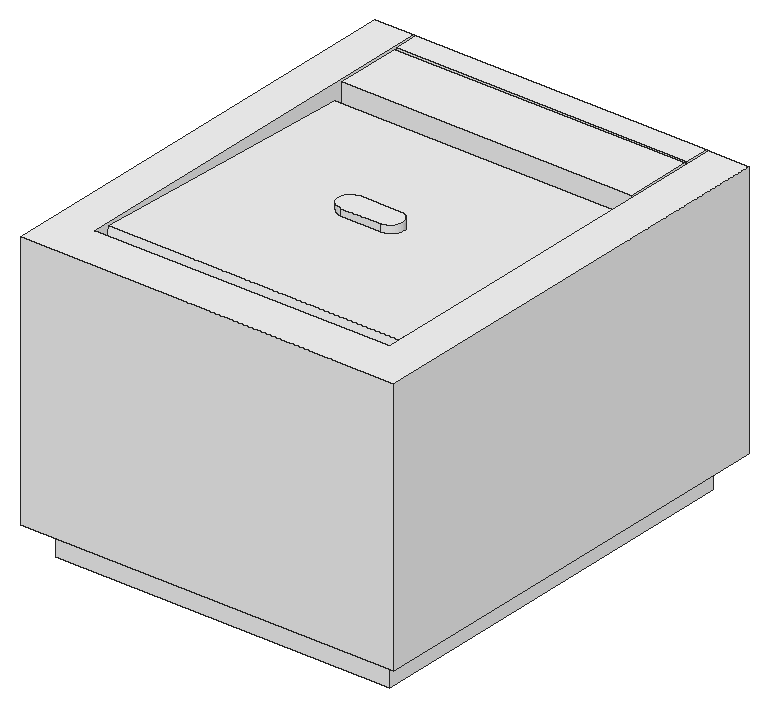
Revit family "Gira_011630", category Electrical Fixtures, host Face, Revit 2017
Family settings
  Host = Face
  Maintain Annotation Orientation = Yes
  Round Connector Dimension = Use Diameter
  Part Type = Normal
  Cut with Voids When Loaded = No
  Shared = No
  Room Calculation Point = No
Parameters (values of type "Rock.ind.sw. off/2-way in.sp. WP surface-mounted grey")
  With mounting plate = "No"
  Wiring system = "Two-way switch"
  White [instance] = White
  Washing machine switch = "No"
  URL = "http://katalog.gira.de/en/datenblatt.html?artikelnr=011630"
  Type of lighting = "Glow lamp"
  Type of fastening = "Screw mounting"
  Surface protection = "Other"
  Suitable for degree of protection (IP) = "IP44"
  Rated current = "16"
  Push button switch = "No"
  Number of rockers = "1"
  Number of modules (module system) = "1"
  Nominal voltage = "250"
  Name = "Rock.ind.sw. off/2-way in.sp. WP surface-mounted grey"
  Mounting method = "Surface mounted (plaster)"
  Method of operation = "Rocker/button"
  Material quality = "Other"
  Material = "Other"
  Manufacturer URL = "https://www.gira.de/"
  Manufacturer = "Gira"
  Label space/information surface = "Yes"
  Illumination = "Yes"
  HeinzeBIM = "https://bimportal.heinze.de/bim/rock-ind-sw-off-2-way-in-sp-wp-surface-mounted-grey/792a0ebdb48dce59681e89607bfd836bc6005c90"
  Halogen free = "No"
  HAN = "011630"
  GTIN = "4010337116301"
  Function lighting = "Illuminated (on)"
  Feedback-signal contact = "No"
  Description = "Rock.ind.sw.off 2-w in.sp. WP SM GY,Rocker indicator switch 10 AX 250 V~ with inscription space,Universal off 2-way switch,grey,Features:,- With neon lamp element.,,Notes :,- Can also be connected with illumination."
  Default Elevation = 1219.2 mm
  Data sheet (1) = "https://katalog.gira.de/en/download.html?artikelnr=011630"
  Connection type = "Plug clamp"
  Colour = "Grey"
  Category = "Switch"
  BIM (1) = "https://media.stage.bim.site/public/gira/36a6b08/IP44_Komplettgerät_Schalten und Tasten.rfa?public/gira/36a6b08/IP44_Komplettgerät_Schalten und Tasten.rfa"
  Available = "No"
  Assembly arrangement = "Basic element with complete housing"
Reference planes
  plane 1 "Center (Front/Back)": y = 0
  plane 2: z = 0
  plane 3 "Center (Left/Right)": x = 0
  plane 4: x = 30
  plane 5: x = -30
  plane 6: z = 41.4
Forms (mm)
  Extrusion 1, solid, material "White" <- "White", detail levels medium+fine
    sketch origin (0, 0, 0) x (1, 0, 0) y (0, 1, 0)
      loop
        line (-34, 41) -> (-34, -41) -> (34, -41) -> (34, 41) -> (-34, 41)
    from 0 to -6.2
  Extrusion 2, solid, material "White" <- "White", detail levels medium+fine
    sketch origin (0, 0, 0) x (1, 0, 0) y (0, 1, 0)
      loop
        line (-38, 45) -> (-38, -45) -> (38, -45) -> (38, 45) -> (-38, 45)
    from 0 to 52.4
  Extrusion 3, void
    sketch origin (0, 0, 0) x (1, 0, 0) y (0, 0, 1)
      loop
        line (-30, 59.413) -> (-30, 41.4) -> (30, 41.4) -> (30, 59.413) -> (-30, 59.413)
    from 36 to -113.06
  Extrusion 4, solid, material "White" <- "White", detail levels medium
    sketch origin (225, 0, 0) x (1, 0, 0) y (0, 1, 0)
      loop
        line (-254.5, 44.5) -> (-254.5, -35.5) -> (-195.5, -35.5) -> (-195.5, 44.5) -> (-254.5, 44.5)
    from 41.4 to 52.4
  Extrusion 5, solid, material "White" <- "White", detail levels fine
    sketch origin (0, 0, 0) x (1, 0, 0) y (0, 1, 0)
      loop
        line (-29.5, 45) -> (-29.5, 40) -> (29.5, 40) -> (29.5, 45) -> (-29.5, 45)
    from 41.4 to 52.4
  Extrusion 6, solid, material "White" <- "White", detail levels fine
    sketch origin (0, 0, 0) x (1, 0, 0) y (0, 1, 0)
      loop
        line (29.5, 39.5) -> (-29.5, 39.5) -> (-29.5, 26) -> (29.5, 26) -> (29.5, 39.5)
    from 41.4 to 52.4
  Extrusion 7, solid, material "White" <- "White", detail levels fine
    sketch origin (0, 0, 0) x (1, 0, 0) y (0, 1, 0)
      loop
        arc (-4, -1) -> (-6.5, -3.5) -> (-4, -6) r 2.5
        line (-4, -6) -> (4, -6)
        arc (4, -6) -> (6.5, -3.5) -> (4, -1) r 2.5
        line (4, -1) -> (-4, -1)
    from 41.4 to 52.4
  Extrusion 8, solid, material "White" <- "White", detail levels coarse
    sketch origin (0, 0, 0) x (1, 0, 0) y (0, 1, 0)
      loop
        line (-38, 46) -> (-38, -45) -> (38, -45) -> (38, 46) -> (-38, 46)
    from -6.2 to 52.4
  Extrusion 9, solid, material "White" <- "White", detail levels medium+fine
    sketch origin (0, 0, 0) x (1, 0, 0) y (0, 0, 1)
      loop
        circle (0, 14) r 3.6
    from -46 to -45
  Extrusion 10, solid, material "White" <- "White", detail levels fine
    sketch origin (0, 0, 0) x (0, 1, 0) y (0, 0, 1)
      loop
        line (-36, 41.4) -> (26, 41.4) -> (24.38, 49.736) -> (-33.115, 52.169) -> (-36, 41.4)
    from -29.5 to 29.5
Cuts and joins
  Extrusion 3 cuts Extrusion 2
Dimensions and locks
  aligned and locked: plane 2 to host face
  aligned and locked: level to host face
  aligned and locked: plane 3 "Center (Left/Right)" to nested 1
  aligned and locked: plane 1 "Center (Front/Back)" to nested 1
Nested families
  nested 1: "Schalter" at (0, 0, 0), type "Schalter"
Connectors
  electrical at (0, 0, -6.2)
    settings: on Extrusion 1, index 1, voltage 224 V, apparent load 0 VA, apparent load phase1 0 VA, apparent load phase2 0 VA, apparent load phase3 0 VA, power factor 1, load classification "Other", number of poles 1, system type 30, power factor state 1, is connector primary yes, connector utility no, sub classification motor no, connector description ""
Definition of nested family "Schalter"
  Reference planes
    plane 1: y = 0
    plane 2: x = 0
  Lines and regions (mm)
    detail lines
      curve 1: circle (1.375, 2.778, 0) r 0.8 normal (0, 0, 1)
      curve 2: line (1.021, 2.061, 0) -> (0, 0, 0)
      curve 3: line (0, 0, 0) -> (-0.538, 0.266, 0)
  Dimensions and locks
    curve 2 to curve 2 = 2.3 mm
    curve 3 to curve 2 = 0.6 mm
    radius of curve 1 = 0.8 mm
